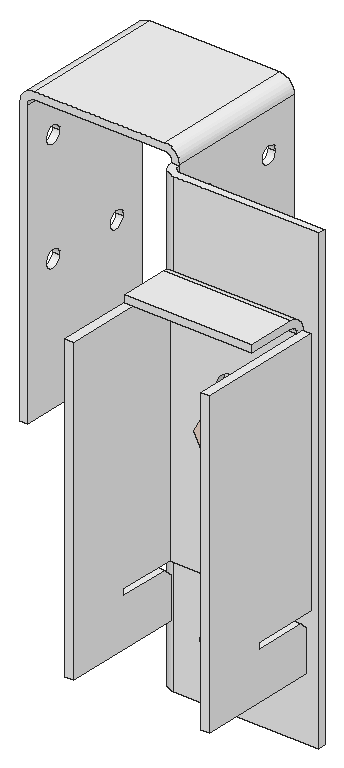
Revit family "KIRIIアングルクランプ(C75用)", category 機械設備, Revit 2022
Family settings
  丸型コネクタ寸法 = 直径を使用
  種別 = なし
  パーツ タイプ = 標準
  作業面ベース = いいえ
  常に垂直 = はい
  ロード時にボイドで切り取り = いいえ
  注釈の向きを維持 = いいえ
  共有 = いいえ
  部屋計算ポイント = いいえ
Parameters
  製造元 = "株式会社桐井製作所"
  既定の高さ = 0 mm
  URL = "https://www.kirii.co.jp/"
  K_許容荷重(水平)野縁方向(N) = 640
  K_許容荷重(水平)野縁受け方向(N) = 850
  K_許容荷重(引張)(N) = 1670
  K_許容荷重(圧縮)(N) = 1710
  K_板厚(mm) = 2.3 mm
  K_品名 = "KIRIIアングルクランプ(C75用)"
  K_名称 = "支持構造部接合金具"
  K_剛性(野縁方向)(N/mm) = 512
  K_剛性(野縁受け方向)(N/mm) = 311
  K_バージョン情報 = "20250901"
Reference planes
  plane 1 "中心(正面/背面)": y = 0
  plane 2: z = 0
  plane 3 "中心(左/右)": x = 0
  plane 4: x = 10
  plane 5: x = -10
Forms (mm)
  Extrusion 1, solid
    sketch origin (0, 0, 80) x (1, 0, 0) y (0, 0, 1)
      loop
        line (0, -80) -> (2.3, -80) -> (2.3, 65.4)
        arc (2.3, 65.4) -> (0.953, 68.653) -> (-2.3, 70) r 4.6
        line (-2.3, 70) -> (-43.2, 70)
        arc (-43.2, 70) -> (-46.453, 68.653) -> (-47.8, 65.4) r 4.6
        line (-47.8, 65.4) -> (-47.8, -24.3) -> (-45.5, -24.3) -> (-45.5, 65.4)
        arc (-45.5, 65.4) -> (-44.826, 67.026) -> (-43.2, 67.7) r 2.3
        line (-43.2, 67.7) -> (-2.3, 67.7)
        arc (-2.3, 67.7) -> (-0.674, 67.026) -> (0, 65.4) r 2.3
        line (0, 65.4) -> (0, -80)
    from 0 to -45
  Extrusion 2, solid
    sketch origin (2.3, 0, 80) x (1, 0, 0) y (0, 1, 0)
      loop
        line (2.3, -5) -> (47.7, -5) -> (47.7, -2.7) -> (2.3, -2.7)
        arc (2.3, -2.7) -> (0.674, -2.026) -> (0, -0.4) r 2.3
        line (0, -0.4) -> (0, 45) -> (-2.3, 45) -> (-2.3, -0.4)
        arc (-2.3, -0.4) -> (-0.953, -3.653) -> (2.3, -5) r 4.6
    from 65 to -80
  Extrusion 3, solid
    sketch origin (0, 0, 80) x (1, 0, 0) y (0, 0, 1)
      loop
        circle (25, 0) r 5
      loop
        circle (25, 0) r 4.5
    from 2.7 to 0
  Extrusion 4, solid
    sketch origin (0, 0, 80) x (0, 1, 0) y (0, 0, 1)
      loop
        arc (-5, 36) -> (-6.347, 39.253) -> (-9.6, 40.6) r 4.6
        line (-9.6, 40.6) -> (-25, 40.6) -> (-25, 38.3) -> (-9.6, 38.3)
        arc (-9.6, 38.3) -> (-7.974, 37.626) -> (-7.3, 36) r 2.3
        line (-7.3, 36) -> (-7.3, -42) -> (-5, -42) -> (-5, 36)
    from 5 to 45
  Extrusion 5, solid
    sketch origin (0, 0, 80) x (1, 0, 0) y (0, 0, 1)
      loop
        line (2.3, 36) -> (2.3, -59) -> (5, -59) -> (5, 36) -> (2.3, 36)
      loop
        line (45, 36) -> (45, -59) -> (47.7, -59) -> (47.7, 36) -> (45, 36)
    from 5 to 45
  Extrusion 6, void
    sketch origin (0, 0, 80) x (0, 1, 0) y (0, 0, 1)
      loop
        line (-25.5, -42) -> (-25.5, -44) -> (-9, -44) -> (-7, -46) -> (-7, -59) -> (-5, -59) -> (-5, -42) -> (-25.5, -42)
    from 50 to 0
  Extrusion 7, void
    sketch origin (0, 0, 80) x (1, 0, 0) y (0, 0, 1)
      loop
        circle (25, 0) r 4.5
    from 5 to 2.7
  Extrusion 8, void
    sketch origin (0, 0, 80) x (1, 0, 0) y (0, 0, 1)
      loop
        arc (30.25, 12.25) -> (28.712, 15.962) -> (25, 17.5) r 5.25
        arc (25, 17.5) -> (21.288, 15.962) -> (19.75, 12.25) r 5.25
        line (19.75, 12.25) -> (19.75, -12.25)
        arc (19.75, -12.25) -> (21.288, -15.962) -> (25, -17.5) r 5.25
        arc (25, -17.5) -> (28.712, -15.962) -> (30.25, -12.25) r 5.25
        line (30.25, -12.25) -> (30.25, 12.25)
    from 7.3 to 5
  Extrusion 9, void
    sketch origin (0, 0, 80) x (0, 1, 0) y (0, 0, 1)
      loop
        circle (10, 52.7) r 2.75
      loop
        circle (35, 52.7) r 2.75
      loop
        circle (10, 17.7) r 2.75
      loop
        circle (35, 17.7) r 2.75
      loop
        circle (22.5, -14.3) r 5.25
    from -45.5 to -47.8
  Extrusion 10, void
    sketch origin (0, 0, 80) x (0, 1, 0) y (0, 0, 1)
      loop
        circle (35, 52.7) r 2.75
      loop
        circle (10, 52.7) r 2.75
      loop
        circle (10, 17.7) r 2.75
      loop
        circle (35, 17.7) r 2.75
      loop
        circle (22.5, -14.3) r 5.25
    from 2.3 to 0
  Extrusion 11, void
    sketch origin (0, 0, 80) x (1, 0, 0) y (0, 0, 1)
      loop
        circle (25, -32) r 2.25
    from 7.3 to 5
  Extrusion 12, solid
    sketch origin (0, 0, 80) x (0, 1, 0) y (0, 0, 1)
      loop
        circle (22.5, -14.3) r 5.548
      loop
        circle (22.5, -14.3) r 4.5
    from 2.3 to 5
  Extrusion 13, void
    sketch origin (0, 0, 0) x (1, 0, 0) y (0, 0, 1)
      loop
        circle (15, 17.6) r 2.25
      loop
        circle (40, 17.6) r 2.25
    from 5 to 2.7
Cuts and joins
  Extrusion 8, Extrusion 9, Extrusion 10 cuts Extrusion 1
  Extrusion 7, Extrusion 8, Extrusion 9, Extrusion 10, Extrusion 13 cuts Extrusion 2
  Extrusion 8, Extrusion 9, Extrusion 10 cuts Extrusion 3
  joined: Extrusion 1, Extrusion 2, Extrusion 3, Extrusion 12
  Extrusion 8, Extrusion 11 cuts Extrusion 4
  Extrusion 6 cuts Extrusion 5
  joined: Extrusion 4, Extrusion 5
Dimensions and locks
  aligned and locked: level to plane 2
Nested families
  nested 1: "M10×60ボルト" at (-51.797, 22.525, 65.631) x (0, 1, 0) z (0, 0, 1), type "M10×60ボルト"
  nested 2: "M10×25ボルト" at (24.917, -11.3, 80) x (-1, 0, 0) z (0, 0, 1), type "M10×25ボルト"
Definition of nested family "M10×60ボルト"
  Parameters (values of type "M10×60ボルト")
    Manufacturer = "株式会社桐井製作所"
    Default Elevation = 0 mm
    URL = "https://www.kirii.co.jp/"
    K_材料規格 = "M10×L60"
    K_品名 = "M10×60ボルト"
    K_名称 = "M10×60ボルト"
    K_備考 = "KIRIIアングルクランプ付属品"
  Reference planes
    plane 1 "中心(正面/背面)": y = 0
    plane 2: z = 0
    plane 3 "中心(左/右)": x = 0
    plane 4: x = 8
    plane 5: x = -8
    plane 6 "正面": y = -4
    plane 7: z = 8
    plane 8: z = -8
  Forms (mm)
    Extrusion 1, solid
      sketch origin (0, 0, 0) x (1, 0, 0) y (0, 0, 1)
        loop
          line (-4.619, 8) -> (-9.238, 0) -> (-4.619, -8) -> (4.619, -8) -> (9.238, 0) -> (4.619, 8) -> (-4.619, 8)
      from 0 to 4
    Extrusion 2, solid
      sketch origin (0, 0, 25.676) x (1, 0, 0) y (0, 0, 1)
        loop
          circle (0, -25.676) r 4.1
      from 4 to 64
  Cuts and joins
    joined: Extrusion 1, Extrusion 2
  Lines and regions (mm)
    model lines
      curve 1: circle (0, 0, 0) r 8 normal (0, -1, 0)
  Dimensions and locks
    aligned and locked: level to plane 2
Definition of nested family "M10×25ボルト"
  Parameters (values of type "M10×25ボルト")
    Manufacturer = "株式会社桐井製作所"
    Default Elevation = 0 mm
    URL = "https://www.kirii.co.jp/"
    K_材料規格 = "M10×L25"
    K_品名 = "M10×25ボルト"
    K_名称 = "M10×25ボルト"
    K_備考 = "KIRIIアングルクランプ付属品"
  Reference planes
    plane 1 "中心(正面/背面)": y = 0
    plane 2: z = 0
    plane 3 "中心(左/右)": x = 0
    plane 4: x = 8
    plane 5: x = -8
    plane 6 "正面": y = -4
    plane 7: z = 8
    plane 8: z = -8
  Forms (mm)
    Extrusion 1, solid
      sketch origin (0, 0, 0) x (1, 0, 0) y (0, 0, 1)
        loop
          line (-4.619, 8) -> (-9.238, 0) -> (-4.619, -8) -> (4.619, -8) -> (9.238, 0) -> (4.619, 8) -> (-4.619, 8)
      from 0 to 4
    Extrusion 2, solid
      sketch origin (0, 0, 25.676) x (1, 0, 0) y (0, 0, 1)
        loop
          circle (0, -25.676) r 4.1
      from 4 to 29
  Cuts and joins
    joined: Extrusion 1, Extrusion 2
  Lines and regions (mm)
    model lines
      curve 1: circle (0, 0, 0) r 8 normal (0, -1, 0)
  Dimensions and locks
    aligned and locked: level to plane 2
